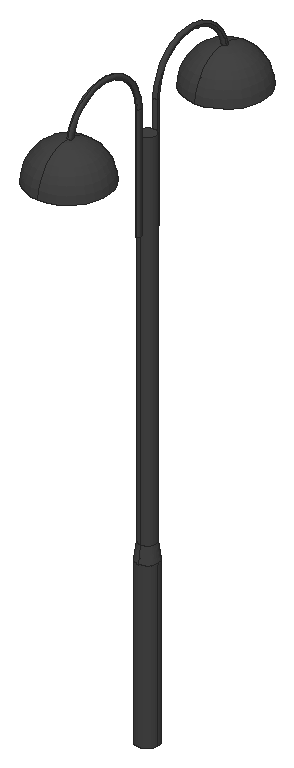
Revit family
Parameters
  Wattage = 9.2903 W
  built-in parameter 1150110 = 1 (stored number, unit not read)
  built-in parameter 1114217 = 1 (stored number, unit not read)
  built-in parameter 1150109 = 1 (stored number, unit not read)
  built-in parameter 1150134 = 3
  built-in parameter 1150113 = 1 (stored number, unit not read)
  Material Post = Paint - Black Matte
  Main Radius = Base Radius - 25 mm  # 75 mm
  built-in parameter 1150105 = 109.82 (stored number, unit not read)
  Lumens = 1380 lm
  built-in parameter 1150115 = 1 (stored number, unit not read)
  Light Source Symbol Size = 609.6 mm
  built-in parameter 1150137 = (empty or 0)
  built-in parameter 1150139 = (empty or 0)
  built-in parameter 1150112 = 1 (stored number, unit not read)
  built-in parameter 1150114 = 1 (stored number, unit not read)
  Keynote = "V"
  built-in parameter 1150132 = 2
  built-in parameter 1150102 = (empty or 0)
  built-in parameter 1150107 = 3200 (stored number, unit not read)
  built-in parameter 1150138 = (empty or 0)
  built-in parameter 1150106 = 1.0982 (stored number, unit not read)
  Height = 5000 mm
  built-in parameter 1150104 = 13.8 (stored number, unit not read)
  Dimming Lamp Color Temperature Shift = (empty or 0)
  Color Filter = 16777215
  Base Radius = 100 mm
  Base Height = 1500 mm
  built-in parameter 1114218 = 1 (stored number, unit not read)
  built-in parameter 1150133 = 10 (stored number, unit not read)
Reference planes
  plane 1 "Light Source Axis (F/B)": y = 0
  plane 2: z = 0
  plane 3 "Light Source Axis (L/R)": x = 0
  plane 4 "Light Source Elevation": z = 5000
  plane 5: z = 1500
  plane 6: z = 1650
  plane 7: z = 7950
  plane 8: y = -100
  plane 9: y = -500
  plane 10: z = 7700
  plane 11: z = 7950
  plane 12: y = -100
  plane 13: y = -550
  plane 14: z = 7700
  plane 15: y = 550
Forms (mm)
  Extrusion 1, solid, material "Paint - Black Matte" <- "Material Post"
    sketch origin (0, 0, 0) x (1, 0, 0) y (0, 1, 0)
      loop
        circle (0, 0) r 100
    from 0 to 1500
  Extrusion 2, solid, material "Paint - Black Matte" <- "Material Post"
    sketch origin (0, 0, 1650) x (0, -1, 0) y (-1, 0, 0)
      loop
        circle (0, 0) r 75
    from 0 to -3350
  Blend 3, solid, material "Paint - Black Matte" <- "Material Post"
    base sketch origin (0, 0, 1500) x (0, -1, 0) y (1, 0, 0)
      loop
        circle (0, 0) r 100
    top sketch origin (0, 0, 1500) x (0, -1, 0) y (1, 0, 0)
      loop
        circle (0, 0) r 75
    from 0 to 150
  Sweep 4, solid, material "Paint - Black Matte" <- "Material Post"
    path origin (0, 0, 0) x (0, 1, 0) y (0, 0, 1)
      loop
        line (-100, 4200) -> (-100, 5250)
        arc (-100, 5250) -> (-500, 5650) -> (-900, 5250) r 400
    profile origin (0, 0, 4725) x (0, -1, 0) y (1, 0, 0)
      loop
        circle (100, 0) r 20
  Revolve 5, solid, material "Paint - Black Matte" <- "Material Post"
    sketch origin (0, 0, 0) x (0, 1, 0) y (0, 0, 1)
      loop
        arc (-550, 5000) -> (-652.513, 5247.487) -> (-900, 5350) r 350
        line (-900, 5350) -> (-900, 5340)
        arc (-900, 5340) -> (-659.584, 5240.416) -> (-560, 5000) r 340
        line (-560, 5000) -> (-550, 5000)
      axis (-900, 5350) -> (-900, 5000)
    angle from 0 to 360
  Sweep 6, solid, material "Paint - Black Matte"
    path origin (0, 0, 0) x (0, -1, 0) y (0, 0, -1)
      loop
        line (-100, -4200) -> (-100, -5250)
        arc (-100, -5250) -> (-500, -5650) -> (-900, -5250) r 400
    profile origin (0, 0, 4725) x (1, 0, 0) y (0, 1, 0)
      loop
        circle (0, 100) r 20
  Revolve 7, solid, material "Paint - Black Matte"
    sketch origin (0, 0, 0) x (0, -1, 0) y (0, 0, -1)
      loop
        line (-550, -5000) -> (-560, -5000)
        arc (-560, -5000) -> (-659.584, -5240.416) -> (-900, -5340) r 340
        line (-900, -5340) -> (-900, -5350)
        arc (-900, -5350) -> (-652.513, -5247.487) -> (-550, -5000) r 350
      axis (-900, -5350) -> (-900, -5000)
    angle from 0 to 360
Dimensions and locks
  "Base Height": plane 5 to plane 2
  "Height": plane 4 "Light Source Elevation" to plane 2
  plane 6 to plane 5 = 150 mm
  plane 8 to plane 9 = 400 mm
  locked: plane 1 "Light Source Axis (F/B)" to plane 8 at 100
  plane 5 to plane 6 = 150 mm
  plane 4 "Light Source Elevation" to Sweep 4 sketch curve = 650 mm
  plane 13 to plane 12 = 450 mm
  plane 4 "Light Source Elevation" to Sweep 6 sketch curve = 650 mm
  plane 1 "Light Source Axis (F/B)" to Sweep 6 sketch curve = 100 mm
  plane 1 "Light Source Axis (F/B)" to Sweep 6 sketch curve = 900 mm
  Sweep 6 sketch curve to plane 15 = 450 mm
  Sweep 4 sketch curve to plane 4 "Light Source Elevation" = 800 mm
  Sweep 6 sketch curve to plane 4 "Light Source Elevation" = 800 mm
  "Base Radius": radius of Extrusion 1 sketch curve
  "Main Radius": radius of Extrusion 2 sketch curve
  aligned and locked: Extrusion 2 to plane 6
  aligned and locked: Extrusion 2 to plane 4 "Light Source Elevation"
  aligned and locked: Blend 3 to plane 6
  aligned and locked: Blend 3 sketch curve to Extrusion 1
  aligned and locked: Blend 3 sketch curve to Extrusion 2
  aligned and locked: Extrusion 1 to plane 5
  aligned and locked: plane 3 "Light Source Axis (L/R)" to imposter light
  aligned and locked: imposter light to plane 1 "Light Source Axis (F/B)"
  aligned and locked: plane 4 "Light Source Elevation" to imposter light
Automatic sketch dimensions
  Extrusion 1 sketch curve to plane 1 "Light Source Axis (F/B)" = 0 mm
  Extrusion 1 sketch curve to plane 3 "Light Source Axis (L/R)" = 0 mm
  Extrusion 2 sketch curve to plane 1 "Light Source Axis (F/B)" = 0 mm
  Extrusion 2 sketch curve to plane 3 "Light Source Axis (L/R)" = 0 mm
  Sweep 4 sketch curve to plane 3 "Light Source Axis (L/R)" = 0 mm
  Sweep 4 sketch curve to profile plane = 0 mm
  Revolve 5 sketch curve to plane 4 "Light Source Elevation" = 0 mm
  Revolve 5 sketch curve to level = 508 mm
  Sweep 4 sketch curve to plane 9 = 0 mm
  Sweep 6 sketch curve to profile plane = 0 mm  (x2)
  Revolve 7 sketch curve to plane 4 "Light Source Elevation" = 0 mm
  Revolve 7 sketch curve to Revolve 7 sketch curve = 10 mm
  Revolve 7 sketch curve to level = 508 mm
  Revolve 5 sketch curve to Revolve 5 sketch curve = 340 mm
  Revolve 5 sketch curve to Revolve 5 sketch curve = 10 mm
  Sweep 4 sketch curve to plane 8 = 0 mm
  plane 1 "Light Source Axis (F/B)" to Revolve 5 sketch curve = 900 mm  (x2)
  Revolve 7 sketch curve to plane 1 "Light Source Axis (F/B)" = 900 mm  (x2)
  Revolve 7 sketch curve to Revolve 7 sketch curve = 340 mm
  Revolve 5 sketch curve to Revolve 5 sketch curve = 1403 mm
  Revolve 7 sketch curve to Revolve 7 sketch curve = 1403 mm
  radius of Sweep 4 sketch curve = 20 mm
  radius of Sweep 6 sketch curve = 20 mm
